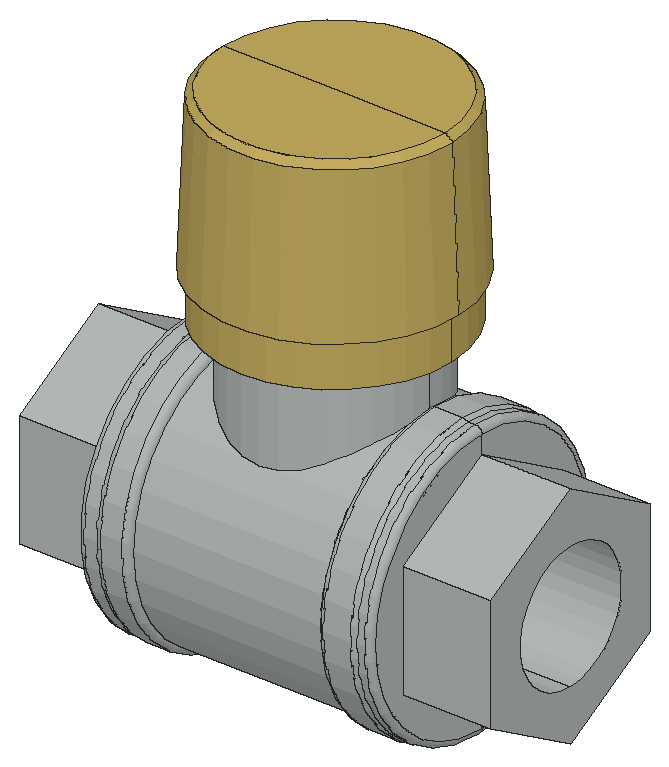
Revit family "QP04100000", category Apparecchi idraulici, Revit 2020
Family settings
  Quota connettore circolare = Usa diametro
  Tipo di parte = Normale
  Numero OmniClass = 23.45.00.00
  Titolo OmniClass = Sanitary, Laundry, and Cleaning Equipment
  Basato su piano di lavoro = No
  Sempre verticale = Sì
  Taglio con vuoti quando caricato = No
  Condiviso = No
  Punto di calcolo locali = No
Parameters
  URL = "https://web.cimberio.com/index.php/figura/483?subcategoria_id="
  Temperatura di esercizio = "-20 ÷ 60°C"
  Prospetto di default = 0 mm
  Produttore = "CIMBERIO SPA"
  Pressione nominale = "MOP 5"
  Modello = "Cim 410G"
  Materiale = "Prodotto in lega di ottone conforme alla norma EN 12165-CW617N-DW"
  Descrizione = "Utilizzato nell’impiantistica distributiva di gas a bassa pressione per le categorie:\r\nGas naturali: gas derivati dal petrolio (Metano) e gas di ricambio.\r\nGas di città: prodotti secondo i diversi procedimenti (Cracking - Cokerie - ecc.).\r\nGas liquidi: propano e miscele di gas propano/butano"
  DN Model [instance] = QP04101020 : QP04101020
  DN [instance] = 20 mm
  Commenti sul tipo = "Realizzato in ottemperanza ai requisiti gestionali della norma EN ISO 9001.\r\nCollaudato al 100% secondo la normativa EN 12266-1"
Reference planes
  plane 1 "Centro (Fronte/Retro)": y = 0
  plane 2: z = 0
  plane 3 "Centro (Sinistra/Destra)": x = 0
Dimensions and locks
  aligned and locked: level to plane 2
Nested families
  nested 1: "QP04101020" at (0, 0, 0), type <- "DN Model", type "QP04101020"
  nested 2: "QP04101020" at (0, 0, 0), type <- "DN Model", type "QP04101020"
  nested 3: "QP04101020" at (0, 0, 0), type <- "DN Model", type "QP04101020"
  nested 4: "QP04101020" at (0, 0, 0), type <- "DN Model", type "QP04101020"
  nested 5: "QP04101020" at (0, 0, 0), type <- "DN Model", type "QP04101020"
  nested 6: "QP04101020" at (0, 0, 0), type <- "DN Model", type "QP04101020"
  nested 7: "QP04101020" at (0, 0, 0), type <- "DN Model", type "QP04101020"
Connectors
  piping at (37.1, 0, 0), diameter 20, driven by "DN"
    settings: on nested 1, index 1, connector inside diameter 609.6 mm, connector length 0 mm, flow factor 0, pipe flow 0.0 L/s, pressure drop 0.0 Pa, fitting loss kfactor 0, connector angle 0.00°, fixture units 0, engagement length 0 mm, angle of deflection 0.00°, flow configuration 0, flow direction 0, fitting loss method 0, system type 19, joint type 0, gender type 0, connector reference index -1, connector utility 0, adjustable connector no, is connector primary yes, connector description ""
  piping at (-37.1, 0, 0), diameter 20, driven by "DN"
    settings: on nested 1, index 2, connector inside diameter 609.6 mm, connector length 0 mm, flow factor 0, pipe flow 0.0 L/s, pressure drop 0.0 Pa, fitting loss kfactor 0, connector angle 0.00°, fixture units 0, engagement length 0 mm, angle of deflection 0.00°, flow configuration 0, flow direction 0, fitting loss method 0, system type 19, joint type 0, gender type 0, connector reference index -1, connector utility 0, adjustable connector no, is connector primary no, connector description ""
Definition of nested family "QP04101020"
  Parameters (values of type "QP04101020")
    Default Elevation = 0 mm
  Reference planes
    plane 1 "Centro (Fronte/Retro)": y = 0
    plane 2: z = 0
    plane 3 "Centro (Sinistra/Destra)": x = 0
  Forms (mm)
    Revolve 1, solid
      sketch origin (0, 0, 0) x (1, 0, 0) y (0, 0, 1)
        loop
          line (-23.1, 12.018) -> (-23.1, 10.749) -> (23.1, 10.749) -> (23.1, 20.749)
          arc (23.1, 20.749) -> (22.807, 21.457) -> (22.099, 21.75) r 1
          line (22.099, 21.75) -> (20.869, 21.75) -> (20.1, 22) -> (15.716, 22)
          arc (15.716, 22) -> (15.329, 21.87) -> (15.063, 21.56) r 0.77
          arc (15.063, 21.56) -> (14.898, 21.162) -> (14.5, 20.997) r 0.563
          line (14.5, 20.997) -> (-14.886, 20.997)
          arc (-14.886, 20.997) -> (-15.25, 21.712) -> (-16, 22) r 1.12
          line (-16, 22) -> (-19.331, 22) -> (-20.1, 21.75) -> (-22.1, 21.75)
          arc (-22.1, 21.75) -> (-22.807, 21.457) -> (-23.1, 20.75) r 1
          line (-23.1, 20.75) -> (-23.1, 12.018)
        axis (-23.1, 0) -> (23.1, 0)
      angle from 0 to 360
    Extrusion 2, solid
      sketch origin (0, 0, 0) x (0, 0, -1) y (0, 1, 0)
        loop
          circle (0, 0) r 10
        loop
          line (-18, 0) -> (-9, -15.588) -> (9, -15.588) -> (18, 0) -> (9, 15.588) -> (-9, 15.588) -> (-18, 0)
      from -37.1 to -21.349
    Extrusion 3, solid
      sketch origin (0, 0, 0) x (0, 0, -1) y (0, -1, 0)
        loop
          circle (0, 0) r 10
        loop
          line (-18, 0) -> (-9, -15.588) -> (9, -15.588) -> (18, 0) -> (9, 15.588) -> (-9, 15.588) -> (-18, 0)
      from -37.1 to -22.1
    Extrusion 4, solid
      sketch origin (0, 0, 0) x (1, 0, 0) y (0, 1, 0)
        loop
          circle (0, 0) r 15
        loop
          circle (0, 0) r 12.689
      from 7.846 to 51.018
    Revolve 5, solid
      sketch origin (0, 0, 0) x (1, 0, 0) y (0, 0, 1)
        loop
          line (0, 37.3) -> (0, 61.3) -> (-17.458, 61.3) -> (-18.5, 60.301) -> (-19.5, 36.3) -> (-18.417, 36.3) -> (-18.417, 29.3) -> (-1.75, 29.3) -> (-1.75, 37.3) -> (0, 37.3)
        axis (0, 61.3) -> (0, 29.3)
      angle from 0 to 360
    Extrusion 6, void
      sketch origin (0, 0, 0) x (1, 0, 0) y (0, 1, 0)
        loop
          arc (-16.25, 0) -> (-10.91, -12.043) -> (1.6, -16.171) r 16.25
          line (1.6, -16.171) -> (1.6, -15.043)
          arc (1.6, -15.043) -> (-10.116, -11.249) -> (-15.128, 0) r 15.128
          line (-15.128, 0) -> (-16.25, 0)
      from 25 to 37.3
    Extrusion 7, solid
      sketch origin (0, 0, 0) x (1, 0, 0) y (0, 1, 0)
        loop
          line (-19.331, 1.393) -> (-19.331, -1.663) -> (-12.137, -1.663) -> (-12.137, 1.393) -> (-19.331, 1.393)
      from 15.862 to 34.8
  Cuts and joins
    Extrusion 6 cuts Revolve 1
    joined: Revolve 1, Extrusion 7
    Extrusion 6 cuts Revolve 5
  Dimensions and locks
    aligned and locked: level to plane 2
